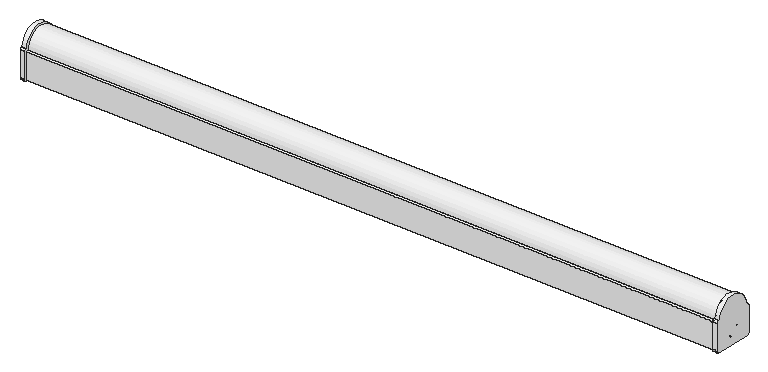
Revit family "0045173 Feilo Sylvania Lighting Fixture SYLBATTEN LED5-5 NW TP3", category Lighting Fixtures, host Face, Revit 2017
Family settings
  Host = Face
  Round Connector Dimension = Use Diameter
  Part Type = Normal
  OmniClass Number = 23.80.70.00
  OmniClass Title = Lighting
  Cut with Voids When Loaded = No
  Light Source = Yes
  Shared = No
  Room Calculation Point = No
Parameters (values of type "0045173 SYLBATTEN LED5.5 NW TP3")
  Width_FEILO = 66 mm
  Weight = "2.568 kg"
  Wattage Comments = "n/a"
  Wattage = 53 W
  WarrantyStartDate [instance] = "n/a"
  WarrantyGuarantorParts = "n/a"
  WarrantyDurationUnit = "n/a"
  WarrantyDurationParts = "n/a"
  WarrantyDescription = "n/a"
  built-in parameter 1150110 = 1 (stored number, unit not read)
  Voltage = 230 V
  URL = "http://www.sylvania-lighting.com"
  TypeName = "SYLBATTEN LED5.5 NW TP3"
  Type Image = <None>
  Type Comments = "n/a"
  built-in parameter 1114217 = 1 (stored number, unit not read)
  Tilt Angle = -90.00°
  built-in parameter 1150109 = 1 (stored number, unit not read)
  built-in parameter 1150134 = 12
  SymReflector_FEILO = no
  built-in parameter 1150113 = 1 (stored number, unit not read)
  SerialNumber [instance] = "n/a"
  PowerFactor = 0
  PowerConsumption = "53 W"
  Photometric Web File = "0045173.ies"
  NominalLength = 1205 mm
  NominalHeight = 76 mm
  NominalDepth = 66 mm
  Name = "SYLBATTEN LED5.5 NW TP3"
  ModelReference = Name  # "SYLBATTEN LED5.5 NW TP3"
  ModelNumber = "0045173"
  Model = Name  # "SYLBATTEN LED5.5 NW TP3"
  Material_4_FEILO = Reflector-Sylvania-Sylbatten-White
  Material_3_FEILO = Diffuser-Sylvania-Sylbatten-Glow
  Material_2_FEILO = Body-Sylvania-Sylbatten-White
  Material_1_FEILO = Body-Sylvania-Sylbatten-White
  Material = "sheet steel housing, polycarbonate diffuser"
  ManufacturerName = "Feilo Sylvania"
  Manufacturer = "Feilo Sylvania"
  LuminousEfficacy = "106.2 lm/W"
  built-in parameter 1150105 = 447.99 (stored number, unit not read)
  Lumens = 5629.66 lm
  LuminaireType = ""
  built-in parameter 1150115 = 1 (stored number, unit not read)
  LightOutputRatio = "100"
  built-in parameter 1150137 = (empty or 0)
  built-in parameter 1150139 = (empty or 0)
  Length_FEILO = 1205 mm
  LampsType = Lamp  # "LED"
  LampNominalLuminous = "5630 lm"
  LampMacAdamStep = "n/a"
  LampColourTemperature = "4000 K"
  LampColourRenderingIndex = "80"
  built-in parameter 1150112 = 1 (stored number, unit not read)
  built-in parameter 1150114 = 1 (stored number, unit not read)
  Lamp = "LED"
  Keynote = "16500"
  InstallationDate [instance] = "n/a"
  InputVoltage = "220-240V~"
  InputNominalFrequency = "n/a"
  built-in parameter 1150132 = (empty or 0)
  built-in parameter 1150102 = (empty or 0)
  built-in parameter 1150107 = 4000 (stored number, unit not read)
  built-in parameter 1150138 = (empty or 0)
  IngressProtection = "IP20"
  ImpactProtectionIndex = "IK07"
  built-in parameter 1150106 = 4.4799 (stored number, unit not read)
  IfcExportType = "IfcLightFixtureType"
  IfcExportAs = "IfcLightFixtureType"
  Height_FEILO = 76 mm
  ExpectedLife = 50000
  Emit from Rectangle Width = Length_FEILO - 16 mm  # 1189 mm
  Emit from Rectangle Length = Width_FEILO - 40 mm  # 26 mm
  Emit Shape Visible in Rendering = no
  ElectricShockClassification = "Class I"
  built-in parameter 1150104 = 9.8682 (stored number, unit not read)
  DurationUnit = "hours"
  DocumentationLiterature = "http://www.sylvania-lighting.com/product/en-int/products/0045173"
  DimmingControlOptions = "n/a"
  Dimming Lamp Color Temperature Shift = <None>
  Description = "LED batten, T8 replacement, ease of installation through 2 part push-in design of the housing (safety cable included), through wiring capability (TP3 = 3 core), sheet steel, 5630M, 53W, 106lm/W, 4000K, drive current: 350mA, CRI 80, 138° wide beam angle, electronic driver (non dimmable), IP20, IK07, 50,000 hrs (L70), (LxWxH) 1205x66x76mm, 5 step MacAdam ellipse, 3kg, white RAL9016, Class 1, 220-240V, energy class: A++, A+, A."
  Default Elevation = 1219.2 mm
  CreatedOn = "1/25/2018"
  CreatedBy = ""
  Cost = 0
  Color Filter = 16777215
  built-in parameter 1114216 [instance] = (empty or 0)
  ClassificationValue = "EF_70_80"
  ClassificationName = "Uniclass2015"
  CapOffset_FEILO = 2 mm
  BarCode [instance] = "n/a"
  built-in parameter 1114218 = 1 (stored number, unit not read)
  BackReflector_FEILO = and(not(AsymReflector_FEILO), SymReflector_FEILO)  # no
  built-in parameter 1150133 = 10 (stored number, unit not read)
  FrontReflector_FEILO = or(AsymReflector_FEILO, SymReflector_FEILO)  # no
  AsymReflector_FEILO = no
  AssetType = "Fixed"
  AssetIdentifier [instance] = "n/a"
  Assembly Code = "D5020200"
  Apparent Load = 53 VA
Reference planes
  plane 1 "Center (Front/Back)": y = 0
  plane 2: z = 0
  plane 3 "Center (Left/Right)": x = 0
  plane 4: x = 602.5
  plane 5: x = -602.5
  plane 6: y = 33
  plane 7: y = -33
  plane 8: z = 76
  plane 9: z = 47
  plane 10: y = -29
  plane 11: y = 29
  plane 12: z = 20
  plane 13: z = 74
  plane 14: y = -31
  plane 15: y = -27
  plane 16: y = 27
  plane 17: y = 31
  plane 18: z = 2
  plane 19: x = -594.5
  plane 20: x = 594.5
  plane 21: z = 49
  plane 22: y = 1
  plane 23: y = -1
  plane 24: z = 21
  plane 25: z = 19
  plane 26: y = -61
  plane 27: y = 61
  plane 28: y = -56
  plane 29: y = 56
  plane 30: z = 91
  plane 31: z = 88
Forms (mm)
  Extrusion 1, solid, material "Body-Sylvania-Sylbatten-White" <- "Material_2_FEILO"
    sketch origin (0, 0, 0) x (0, 1, 0) y (0, 0, 1)
      loop
        line (-31, 2) -> (31, 2) -> (31, 45)
        arc (31, 45) -> (30.414, 46.414) -> (29, 47) r 2
        line (29, 47) -> (27, 47)
        arc (27, 47) -> (0, 74) -> (-27, 47) r 27
        line (-27, 47) -> (-29, 47)
        arc (-29, 47) -> (-30.414, 46.414) -> (-31, 45) r 2
        line (-31, 45) -> (-31, 2)
    from -594.5 to 594.5
  Extrusion 2, solid, material "Body-Sylvania-Sylbatten-White" <- "Material_2_FEILO"
    sketch origin (602.5, 1524, 1219.2) x (0, 1, 0) y (0, 0, 1)
      loop
        arc (-1494, -1219.2) -> (-1491.879, -1218.321) -> (-1491, -1216.2) r 3
        line (-1491, -1216.2) -> (-1491, -1173.2)
        arc (-1491, -1173.2) -> (-1491.879, -1171.079) -> (-1494, -1170.2) r 3
        line (-1494, -1170.2) -> (-1495.069, -1170.2)
        arc (-1495.069, -1170.2) -> (-1524, -1143.2) -> (-1552.931, -1170.2) r 29
        line (-1552.931, -1170.2) -> (-1554, -1170.2)
        arc (-1554, -1170.2) -> (-1556.121, -1171.079) -> (-1557, -1173.2) r 3
        line (-1557, -1173.2) -> (-1557, -1216.2)
        arc (-1557, -1216.2) -> (-1556.121, -1218.321) -> (-1554, -1219.2) r 3
        line (-1554, -1219.2) -> (-1494, -1219.2)
      loop
        arc (-1525, -1189.25) -> (-1531.071, -1192.129) -> (-1533.95, -1198.2) r 10
        line (-1533.95, -1198.2) -> (-1532.944, -1198.2)
        arc (-1532.944, -1198.2) -> (-1530.364, -1192.836) -> (-1525, -1190.256) r 9
        line (-1525, -1190.256) -> (-1525, -1189.25)
      loop
        arc (-1523, -1190.256) -> (-1517.636, -1192.836) -> (-1515.056, -1198.2) r 9
        line (-1515.056, -1198.2) -> (-1514.05, -1198.2)
        arc (-1514.05, -1198.2) -> (-1516.929, -1192.129) -> (-1523, -1189.25) r 10
        line (-1523, -1189.25) -> (-1523, -1190.256)
      loop
        line (-1532.944, -1200.2) -> (-1533.95, -1200.2)
        arc (-1533.95, -1200.2) -> (-1531.071, -1206.271) -> (-1525, -1209.15) r 10
        line (-1525, -1209.15) -> (-1525, -1208.144)
        arc (-1525, -1208.144) -> (-1530.364, -1205.564) -> (-1532.944, -1200.2) r 9
      loop
        arc (-1515.056, -1200.2) -> (-1517.636, -1205.564) -> (-1523, -1208.144) r 9
        line (-1523, -1208.144) -> (-1523, -1209.15)
        arc (-1523, -1209.15) -> (-1516.929, -1206.271) -> (-1514.05, -1200.2) r 10
        line (-1514.05, -1200.2) -> (-1515.056, -1200.2)
    from 0 to -8
  Extrusion 3, solid, material "Body-Sylvania-Sylbatten-White" <- "Material_2_FEILO"
    sketch origin (-602.5, 1524, 1219.2) x (0, 1, 0) y (0, 0, 1)
      loop
        arc (-1495.069, -1170.2) -> (-1524, -1143.2) -> (-1552.931, -1170.2) r 29
        line (-1552.931, -1170.2) -> (-1554, -1170.2)
        arc (-1554, -1170.2) -> (-1556.121, -1171.079) -> (-1557, -1173.2) r 3
        line (-1557, -1173.2) -> (-1557, -1216.2)
        arc (-1557, -1216.2) -> (-1556.121, -1218.321) -> (-1554, -1219.2) r 3
        line (-1554, -1219.2) -> (-1494, -1219.2)
        arc (-1494, -1219.2) -> (-1491.879, -1218.321) -> (-1491, -1216.2) r 3
        line (-1491, -1216.2) -> (-1491, -1173.2)
        arc (-1491, -1173.2) -> (-1491.879, -1171.079) -> (-1494, -1170.2) r 3
        line (-1494, -1170.2) -> (-1495.069, -1170.2)
      loop
        line (-1533.95, -1198.2) -> (-1532.944, -1198.2)
        arc (-1532.944, -1198.2) -> (-1530.364, -1192.836) -> (-1525, -1190.256) r 9
        line (-1525, -1190.256) -> (-1525, -1189.25)
        arc (-1525, -1189.25) -> (-1531.071, -1192.129) -> (-1533.95, -1198.2) r 10
      loop
        line (-1523, -1189.25) -> (-1523, -1190.256)
        arc (-1523, -1190.256) -> (-1517.636, -1192.836) -> (-1515.056, -1198.2) r 9
        line (-1515.056, -1198.2) -> (-1514.05, -1198.2)
        arc (-1514.05, -1198.2) -> (-1516.929, -1192.129) -> (-1523, -1189.25) r 10
      loop
        line (-1514.05, -1200.2) -> (-1515.056, -1200.2)
        arc (-1515.056, -1200.2) -> (-1517.636, -1205.564) -> (-1523, -1208.144) r 9
        line (-1523, -1208.144) -> (-1523, -1209.15)
        arc (-1523, -1209.15) -> (-1516.929, -1206.271) -> (-1514.05, -1200.2) r 10
      loop
        line (-1525, -1209.15) -> (-1525, -1208.144)
        arc (-1525, -1208.144) -> (-1530.364, -1205.564) -> (-1532.944, -1200.2) r 9
        line (-1532.944, -1200.2) -> (-1533.95, -1200.2)
        arc (-1533.95, -1200.2) -> (-1531.071, -1206.271) -> (-1525, -1209.15) r 10
    from 0 to 8
  Extrusion 4, solid, material "Reflector-Sylvania-Sylbatten-White" <- "Material_4_FEILO", visible <- "FrontReflector_FEILO"
    sketch origin (0, 0, 0) x (0, 1, 0) y (0, 0, 1)
      loop
        line (-61.257, 88.429) -> (-60.743, 87.571) -> (-56.621, 90.044)
        arc (-56.621, 90.044) -> (-56.237, 90.099) -> (-55.929, 89.863) r 0.5
        line (-55.929, 89.863) -> (-31.435, 46.753) -> (-30.565, 47.247) -> (-55.312, 90.802)
        arc (-55.312, 90.802) -> (-55.928, 91.275) -> (-56.696, 91.165) r 1
        line (-56.696, 91.165) -> (-61.257, 88.429)
    from -594.5 to 594.5
  Extrusion 5, solid, material "Reflector-Sylvania-Sylbatten-White" <- "Material_4_FEILO", visible <- "BackReflector_FEILO"
    sketch origin (0, 0, 0) x (0, 1, 0) y (0, 0, 1)
      loop
        line (30.565, 47.247) -> (31.435, 46.753) -> (55.932, 89.868)
        arc (55.932, 89.868) -> (56.245, 90.112) -> (56.638, 90.062) r 0.518
        line (56.638, 90.062) -> (61.033, 87.565) -> (61.527, 88.435) -> (56.682, 91.188)
        arc (56.682, 91.188) -> (55.922, 91.282) -> (55.318, 90.812) r 1
        line (55.318, 90.812) -> (30.565, 47.247)
    from -594.5 to 594.5
Lines and regions (mm)
  reference lines
    curve 1: line (0, -61, 88) -> (0, -56, 91)
    curve 2: line (0, -56, 91) -> (0, -31, 47)
    curve 3: line (0, 31, 47) -> (0, 56, 91)
    curve 4: line (0, 56, 91) -> (0, 61.28, 88)
Dimensions and locks
  equal spacing: plane 5, plane 3 "Center (Left/Right)", plane 4
  equal spacing: plane 7, plane 1 "Center (Front/Back)", plane 6
  "Width_FEILO": plane 7 to plane 6
  "Length_FEILO": plane 5 to plane 4
  "Height_FEILO": plane 8 to plane 2
  locked: plane 9 to plane 8 at 29
  equal spacing: plane 10, plane 1 "Center (Front/Back)", plane 11
  locked: plane 7 to plane 10 at 4
  locked: plane 12 to plane 2 at 20
  "CapOffset_FEILO": plane 13 to plane 8
  "CapOffset_FEILO": plane 7 to plane 14
  "CapOffset_FEILO": plane 10 to plane 15
  "CapOffset_FEILO": plane 17 to plane 6
  "CapOffset_FEILO": plane 16 to plane 11
  "CapOffset_FEILO": plane 18 to plane 2
  locked: plane 14 to Extrusion 1 sketch curve at 2
  locked: Extrusion 1 sketch curve to plane 9 at 2  (x2)
  locked: plane 16 to Extrusion 1 sketch curve at 2
  equal spacing: plane 19, plane 3 "Center (Left/Right)", plane 20
  locked: plane 5 to plane 19 at 8
  "CapOffset_FEILO": plane 9 to plane 21
  locked: Extrusion 2 sketch curve to plane 2 at 47
  locked: Extrusion 1 sketch curve to plane 2 at 47
  locked: Extrusion 2 sketch curve to plane 2 at 3  (x2)
  locked: plane 7 to Extrusion 2 sketch curve at 3  (x2)
  locked: Extrusion 2 sketch curve to plane 6 at 3  (x2)
  locked: Extrusion 2 sketch curve to plane 21 at 3  (x2)
  equal spacing: plane 23, plane 1 "Center (Front/Back)", plane 22
  equal spacing: plane 25, plane 12, plane 24
  plane 30 to plane 31 to plane 2 = 3 mm locked, 88 mm locked
  plane 28 to plane 29 = 112 mm
  plane 26 to plane 27 = 122 mm
  aligned and locked: plane 2 to host face
  aligned and locked: level to host face
  aligned and locked: plane 18 to Extrusion 1 sketch curve
  aligned and locked: plane 14 to Extrusion 1 sketch curve
  aligned and locked: Extrusion 1 sketch curve to plane 9  (x2)
  aligned and locked: Extrusion 1 sketch curve to plane 17
  aligned and locked: plane 15 to Extrusion 1 sketch curve
  aligned and locked: plane 16 to Extrusion 1 sketch curve
  aligned and locked: plane 9 to Extrusion 1 sketch curve
  aligned and locked: plane 20 to Extrusion 1
  aligned and locked: level to Extrusion 2 sketch curve
  aligned and locked: Extrusion 2 sketch curve to plane 7
  aligned and locked: plane 21 to Extrusion 2 sketch curve
  aligned and locked: Extrusion 2 sketch curve to plane 21
  aligned and locked: plane 1 "Center (Front/Back)" to Extrusion 2 sketch curve  (x3)
  aligned and locked: Extrusion 2 to Extrusion 1
  aligned and locked: plane 4 to Extrusion 2
  aligned and locked: plane 12 to Extrusion 2 sketch curve  (x2)
  aligned and locked: Extrusion 2 sketch curve to plane 22
  aligned and locked: Extrusion 2 sketch curve to plane 23
  aligned and locked: Extrusion 2 sketch curve to plane 24
  aligned and locked: Extrusion 2 sketch curve to plane 25
  aligned and locked: plane 25 to Extrusion 2 sketch curve
  aligned and locked: plane 22 to Extrusion 2 sketch curve
  aligned and locked: plane 24 to Extrusion 2 sketch curve
  aligned and locked: plane 23 to Extrusion 2 sketch curve  (x2)
  aligned and locked: Extrusion 3 sketch curve to Extrusion 2  (x22)
  aligned and locked: Extrusion 3 to Extrusion 1
  aligned and locked: Extrusion 3 to plane 5
  aligned and locked: plane 19 to Extrusion 3
  aligned and locked: plane 31 to curve 1
  aligned and locked: plane 30 to curve 1
  aligned and locked: plane 14 to curve 2
  aligned and locked: plane 9 to curve 2
  aligned and locked: plane 17 to curve 3
  aligned and locked: plane 30 to curve 3
  aligned and locked: plane 31 to curve 4
  aligned and locked: Extrusion 4 sketch curve to curve 2
  aligned and locked: Extrusion 4 sketch curve to curve 1
  aligned and locked: Extrusion 4 to Extrusion 1
  aligned and locked: Extrusion 1 to Extrusion 4
  aligned and locked: imposter light to plane 1 "Center (Front/Back)"
  aligned and locked: imposter light to plane 3 "Center (Left/Right)"
  aligned and locked: imposter light to plane 13
  aligned and locked: Extrusion 5 sketch curve to curve 4
  aligned and locked: Extrusion 5 sketch curve to curve 3
  aligned and locked: Extrusion 1 to Extrusion 5
  aligned and locked: Extrusion 5 to Extrusion 1
Automatic sketch dimensions
  host sketch curve to host sketch curve = 2438.4 mm  (x2)
  Extrusion 2 sketch curve to Extrusion 2 sketch curve = 0 mm  (x14)
  Extrusion 2 sketch curve to plane 10 = 0.069 mm
  plane 23 to Extrusion 2 sketch curve = 8.95 mm
  Extrusion 2 sketch curve to Extrusion 2 sketch curve = 1.006 mm  (x4)
  Extrusion 2 sketch curve to plane 22 = 7.944 mm
  curve 1 to plane 26 = 0 mm
  curve 2 to plane 28 = 0 mm
  curve 4 to plane 29 = 0 mm
  plane 9 to curve 3 = 0 mm
  plane 26 to Extrusion 4 sketch curve = 0.257 mm
  Extrusion 4 sketch curve to plane 26 = 0.257 mm
  Extrusion 4 sketch curve to plane 30 = 0.165 mm
  plane 28 to Extrusion 4 sketch curve = 0.696 mm
  plane 28 to Extrusion 4 sketch curve = 0.621 mm
  plane 28 to Extrusion 4 sketch curve = 0.364 mm
  plane 28 to Extrusion 4 sketch curve = 0.182 mm
  Extrusion 4 sketch curve to plane 28 = 0.071 mm
  plane 30 to Extrusion 4 sketch curve = 0.198 mm
  Extrusion 4 sketch curve to plane 28 = 0.688 mm
  plane 9 to Extrusion 4 sketch curve = 0.247 mm
  plane 1 "Center (Front/Back)" to Extrusion 4 sketch curve = 31.435 mm
  Extrusion 5 sketch curve to plane 9 = 0.247 mm
  Extrusion 5 sketch curve to plane 1 "Center (Front/Back)" = 30.565 mm
  plane 9 to Extrusion 5 sketch curve = 0.247 mm
  plane 30 to Extrusion 5 sketch curve = 0.188 mm
  plane 29 to Extrusion 5 sketch curve = 0.068 mm
  Extrusion 5 sketch curve to plane 29 = 0.188 mm
  Extrusion 5 sketch curve to plane 29 = 0.382 mm
  Extrusion 5 sketch curve to Extrusion 5 sketch curve = 0.256 mm
  Extrusion 5 sketch curve to plane 30 = 0.188 mm
  Extrusion 5 sketch curve to plane 29 = 0.682 mm
  Extrusion 5 sketch curve to plane 27 = 0.033 mm
  Extrusion 5 sketch curve to plane 27 = 0.527 mm
Connectors
  electrical at (0, 0, 0), driven by "Apparent Load", driven by "PowerFactor", driven by "Voltage"
    settings: index 1, voltage 230 V, apparent load 53 VA, apparent load phase1 0 VA, apparent load phase2 0 VA, apparent load phase3 0 VA, power factor 0, load classification "Lighting", number of poles 1, system type 30, power factor state 1, is connector primary yes, connector utility no, sub classification motor no, connector description ""
